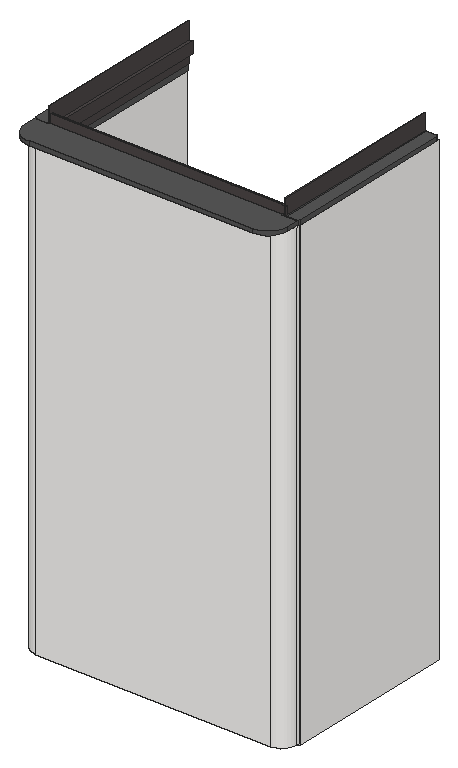
Revit family "vanity unit for handrinse basin, door hinge", category Furniture, Revit 2019 (continued)
Types (48, lengths in mm): name | Vanity unit 340_245 for handrinse basin, door hinge right-54018700-Dark Walnut-MATT_WHITE-400_RX0RY0RZ0TX0TY0TZ0_V | Vanity unit 340_245 for handrinse basin, door hinge right-54018700-Dark Walnut-MATT_WHITE-200_RX0RY0RZ0TX0TY0TZ0_V | Vanity unit 340_245 for handrinse basin, door hinge right-54018670-Dark Walnut-MATT_BLACK-400_RX0RY0RZ0TX0TY0TZ0_V | Vanity unit 340_245 for handrinse basin, door hinge right-54018670-Dark Walnut-MATT_BLACK-200_RX0RY0RZ0TX0TY0TZ0_V | Vanity unit 340_245 for handrinse basin, door hinge right-54018000-Dark Walnut-CHROME-400_RX0RY0RZ0TX0TY0TZ0_V | Vanity unit 340_245 for handrinse basin, door hinge right-54018000-Dark Walnut-CHROME-200_RX0RY0RZ0TX0TY0TZ0_V | Vanity unit 340_245 for handrinse basin, door hinge right-54017700-Natural Oak-MATT_WHITE-400_RX0RY0RZ0TX0TY0TZ0_V | Vanity unit 340_245 for handrinse basin, door hinge right-54017700-Natural Oak-MATT_WHITE-200_RX0RY0RZ0TX0TY0TZ0_V | Vanity unit 340_245 for handrinse basin, door hinge right-54017670-Natural Oak-MATT_BLACK-400_RX0RY0RZ0TX0TY0TZ0_V | Vanity unit 340_245 for handrinse basin, door hinge right-54017670-Natural Oak-MATT_BLACK-200_RX0RY0RZ0TX0TY0TZ0_V | Vanity unit 340_245 for handrinse basin, door hinge right-54017000-Natural Oak-CHROME-400_RX0RY0RZ0TX0TY0TZ0_V | Vanity unit 340_245 for handrinse basin, door hinge right-54017000-Natural Oak-CHROME-200_RX0RY0RZ0TX0TY0TZ0_V | Vanity unit 340_245 for handrinse basin, door hinge right-54016700-Diamond Matt Grey-MATT_WHITE-400_RX0RY0RZ0TX0TY0TZ0_V | Vanity unit 340_245 for handrinse basin, door hinge right-54016700-Diamond Matt Grey-MATT_WHITE-200_RX0RY0RZ0TX0TY0TZ0_V | Vanity unit 340_245 for handrinse basin, door hinge right-54016670-Diamond Matt Grey-MATT_BLACK-400_RX0RY0RZ0TX0TY0TZ0_V | Vanity unit 340_245 for handrinse basin, door hinge right-54016670-Diamond Matt Grey-MATT_BLACK-200_RX0RY0RZ0TX0TY0TZ0_V | Vanity unit 340_245 for handrinse basin, door hinge right-54016000-Diamond Matt Grey-CHROME-400_RX0RY0RZ0TX0TY0TZ0_V | Vanity unit 340_245 for handrinse basin, door hinge right-54016000-Diamond Matt Grey-CHROME-200_RX0RY0RZ0TX0TY0TZ0_V | Vanity unit 340_245 for handrinse basin, door hinge right-54015700-High Gloss White-MATT_WHITE-400_RX0RY0RZ0TX0TY0TZ0_V | Vanity unit 340_245 for handrinse basin, door hinge right-54015700-High Gloss White-MATT_WHITE-200_RX0RY0RZ0TX0TY0TZ0_V | Vanity unit 340_245 for handrinse basin, door hinge right-54015670-High Gloss White-MATT_BLACK-400_RX0RY0RZ0TX0TY0TZ0_V | Vanity unit 340_245 for handrinse basin, door hinge right-54015670-High Gloss White-MATT_BLACK-200_RX0RY0RZ0TX0TY0TZ0_V | Vanity unit 340_245 for handrinse basin, door hinge right-54015000-High Gloss White-CHROME-400_RX0RY0RZ0TX0TY0TZ0_V | Vanity unit 340_245 for handrinse basin, door hinge right-54015000-High Gloss White-CHROME-200_RX0RY0RZ0TX0TY0TZ0_V | Vanity unit 340_245 for handrinse basin, door hinge left-54014700-Dark Walnut-MATT_WHITE-400_RX0RY0RZ0TX0TY0TZ0_V | Vanity unit 340_245 for handrinse basin, door hinge left-54014700-Dark Walnut-MATT_WHITE-200_RX0RY0RZ0TX0TY0TZ0_V | Vanity unit 340_245 for handrinse basin, door hinge left-54014670-Dark Walnut-MATT_BLACK-400_RX0RY0RZ0TX0TY0TZ0_V | Vanity unit 340_245 for handrinse basin, door hinge left-54014670-Dark Walnut-MATT_BLACK-200_RX0RY0RZ0TX0TY0TZ0_V | Vanity unit 340_245 for handrinse basin, door hinge left-54014000-Dark Walnut-CHROME-400_RX0RY0RZ0TX0TY0TZ0_V | Vanity unit 340_245 for handrinse basin, door hinge left-54014000-Dark Walnut-CHROME-200_RX0RY0RZ0TX0TY0TZ0_V | Vanity unit 340_245 for handrinse basin, door hinge left-54013700-Natural Oak-MATT_WHITE-400_RX0RY0RZ0TX0TY0TZ0_V | Vanity unit 340_245 for handrinse basin, door hinge left-54013700-Natural Oak-MATT_WHITE-200_RX0RY0RZ0TX0TY0TZ0_V | Vanity unit 340_245 for handrinse basin, door hinge left-54013670-Natural Oak-MATT_BLACK-400_RX0RY0RZ0TX0TY0TZ0_V | Vanity unit 340_245 for handrinse basin, door hinge left-54013670-Natural Oak-MATT_BLACK-200_RX0RY0RZ0TX0TY0TZ0_V | Vanity unit 340_245 for handrinse basin, door hinge left-54013000-Natural Oak-CHROME-400_RX0RY0RZ0TX0TY0TZ0_V | Vanity unit 340_245 for handrinse basin, door hinge left-54013000-Natural Oak-CHROME-200_RX0RY0RZ0TX0TY0TZ0_V | Vanity unit 340_245 for handrinse basin, door hinge left-54012700-Diamond Matt Grey-MATT_WHITE-400_RX0RY0RZ0TX0TY0TZ0_V | Vanity unit 340_245 for handrinse basin, door hinge left-54012700-Diamond Matt Grey-MATT_WHITE-200_RX0RY0RZ0TX0TY0TZ0_V | Vanity unit 340_245 for handrinse basin, door hinge left-54012670-Diamond Matt Grey-MATT_BLACK-400_RX0RY0RZ0TX0TY0TZ0_V | Vanity unit 340_245 for handrinse basin, door hinge left-54012670-Diamond Matt Grey-MATT_BLACK-200_RX0RY0RZ0TX0TY0TZ0_V | Vanity unit 340_245 for handrinse basin, door hinge left-54012000-Diamond Matt Grey-CHROME-400_RX0RY0RZ0TX0TY0TZ0_V | Vanity unit 340_245 for handrinse basin, door hinge left-54012000-Diamond Matt Grey-CHROME-200_RX0RY0RZ0TX0TY0TZ0_V | Vanity unit 340_245 for handrinse basin, door hinge left-54011700-High Gloss White-MATT_WHITE-400_RX0RY0RZ0TX0TY0TZ0_V | Vanity unit 340_245 for handrinse basin, door hinge left-54011700-High Gloss White-MATT_WHITE-200_RX0RY0RZ0TX0TY0TZ0_V | Vanity unit 340_245 for handrinse basin, door hinge left-54011670-High Gloss White-MATT_BLACK-400_RX0RY0RZ0TX0TY0TZ0_V | Vanity unit 340_245 for handrinse basin, door hinge left-54011670-High Gloss White-MATT_BLACK-200_RX0RY0RZ0TX0TY0TZ0_V | Vanity unit 340_245 for handrinse basin, door hinge left-54011000-High Gloss White-CHROME-400_RX0RY0RZ0TX0TY0TZ0_V | Vanity unit 340_245 for handrinse basin, door hinge left-54011000-High Gloss White-CHROME-200_RX0RY0RZ0TX0TY0TZ0_V | SURFACE | PRODUCTURL | PERMALINK | OBERFLAECHE | NB | NAME | Model | MIdent | LODLEVEL | LINA | GTINCODE | BASENUMBER | ARTNR
  Vanity unit 340_245 for handrinse basin, door hinge right-54015700-High Gloss White-MATT_WHITE-200 | no | no | no | no | no | no | no | no | no | no | no | no | no | no | no | no | no | no | no | yes | no | no | no | no | no | no | no | no | no | no | no | no | no | no | no | no | no | no | no | no | no | no | no | no | no | no | no | no | "MATT_WHITE" | "https://pro.hansgrohe.com/articledetail--54015000" | "54015XXX" | "High Gloss White" | "Vanity unit 340/245 for handrinse basin, door hinge right-54015700-High Gloss White-MATT_WHITE-200" | "Xelu Q Vanity unit High Gloss White 340/245 for handrinse basin, door hinge right" | "Vanity unit 340/245 for handrinse basin, door hinge right-54015700-High Gloss White-MATT_WHITE-200" | "{$CADENAS_DATA/23d-libs/hansgrohe/xelu_furniture/vanity_unit_with_door_hinge/vanity_unit_for_handrinse_basin_with_door_hing.prj},382 {VTYP=3D},{NB=Vanity unit 340/245 for handrinse basin, door hinge right-54015700-High Gloss White-MATT_WHITE-200},{LINA=Vanity unit 340/245 for handrinse basin, door hinge right-54015700-High Gloss White-MATT_WHITE-200},{NN=Vanity Unit for handrinse basin, door hinge},{DATE=13.03.2023 09:26:03},{GEOMDATE=13.03.2023 09:26:00},{VERSION=},{LINEID=150},{WBVAR=LODLEVEL},{WBNUMERIC=}  {NB=Vanity unit 340/245 for handrinse basin, door hinge right-54015700-High Gloss White-MATT_WHITE-200},{LINA=Vanity unit 340/245 for handrinse basin, door hinge right-54015700-High Gloss White-MATT_WHITE-200},{KT=DUMMY},{IDNR=15},{ARTNR=54015700},{BASENUMBER=Vanity unit 340/245 for handrinse basin, door hinge right},{MODEL=54015XXX},{OBERFLAECHE=High Gloss White},{SURFACE=MATT_WHITE},{L=340},{LODLEVEL=200},{LODLEVELX='400','400','200','200'},{NAME=Xelu Q Vanity unit High Gloss White 340/245 for handrinse basin, door hinge right},{PERMALINK=54015XXX},{OBJECTTYPE=Object (single object)},{BIMOBJECT=Sanitary: Compound units},{PRODUCTFAMILY=Xelu Q},{PRODUCTGROUP=vanity unit},{WEIGHT=9.9},{DESCRIPTION=Xelu Q Vanity unit High Gloss White 340/245 for handrinse basin, door hinge right},{SPECIFICATION=},{PRODUCTURL=https://pro.hansgrohe.com/articledetail--54015000},{GTINCODE=4059625455012},{TENDERURL=},{IFC=Furnishing element},{ETIM=EC011381 | Bathroom furniture set},{UNICLASS2015=Pr_40_30_78_05 | Bathroom furniture},{OMNICLASS=23-21 19 15 33 13 | Residential Bathroom Specialty Casework},{MASTERFORMAT=12 35 30.23 | Bathroom Casework},{UNSPSC=56 | Furniture and Furnishings},{UNIFORMATII=E2010 | Fixed Furnishings},{REGIONSET=Worldwide},{DESIGN=Germany},{MANUFACTURER=Germany}" | "200" | "Vanity unit 340/245 for handrinse basin, door hinge right-54015700-High Gloss White-MATT_WHITE-200" | "4059625455012" | "Vanity unit 340/245 for handrinse basin, door hinge right" | "54015700"
  Vanity unit 340_245 for handrinse basin, door hinge right-54015700-High Gloss White-MATT_WHITE-400 | no | no | no | no | no | no | no | no | no | no | no | no | no | no | no | no | no | no | yes | no | no | no | no | no | no | no | no | no | no | no | no | no | no | no | no | no | no | no | no | no | no | no | no | no | no | no | no | no | "MATT_WHITE" | "https://pro.hansgrohe.com/articledetail--54015000" | "54015XXX" | "High Gloss White" | "Vanity unit 340/245 for handrinse basin, door hinge right-54015700-High Gloss White-MATT_WHITE-400" | "Xelu Q Vanity unit High Gloss White 340/245 for handrinse basin, door hinge right" | "Vanity unit 340/245 for handrinse basin, door hinge right-54015700-High Gloss White-MATT_WHITE-400" | "{$CADENAS_DATA/23d-libs/hansgrohe/xelu_furniture/vanity_unit_with_door_hinge/vanity_unit_for_handrinse_basin_with_door_hing.prj},382 {VTYP=3D},{NB=Vanity unit 340/245 for handrinse basin, door hinge right-54015700-High Gloss White-MATT_WHITE-400},{LINA=Vanity unit 340/245 for handrinse basin, door hinge right-54015700-High Gloss White-MATT_WHITE-400},{NN=Vanity Unit for handrinse basin, door hinge},{DATE=13.03.2023 09:26:03},{GEOMDATE=13.03.2023 09:26:00},{VERSION=},{LINEID=150},{WBVAR=LODLEVEL},{WBNUMERIC=}  {NB=Vanity unit 340/245 for handrinse basin, door hinge right-54015700-High Gloss White-MATT_WHITE-400},{LINA=Vanity unit 340/245 for handrinse basin, door hinge right-54015700-High Gloss White-MATT_WHITE-400},{KT=DUMMY},{IDNR=15},{ARTNR=54015700},{BASENUMBER=Vanity unit 340/245 for handrinse basin, door hinge right},{MODEL=54015XXX},{OBERFLAECHE=High Gloss White},{SURFACE=MATT_WHITE},{L=340},{LODLEVEL=400},{LODLEVELX='400','400','200','200'},{NAME=Xelu Q Vanity unit High Gloss White 340/245 for handrinse basin, door hinge right},{PERMALINK=54015XXX},{OBJECTTYPE=Object (single object)},{BIMOBJECT=Sanitary: Compound units},{PRODUCTFAMILY=Xelu Q},{PRODUCTGROUP=vanity unit},{WEIGHT=9.9},{DESCRIPTION=Xelu Q Vanity unit High Gloss White 340/245 for handrinse basin, door hinge right},{SPECIFICATION=},{PRODUCTURL=https://pro.hansgrohe.com/articledetail--54015000},{GTINCODE=4059625455012},{TENDERURL=},{IFC=Furnishing element},{ETIM=EC011381 | Bathroom furniture set},{UNICLASS2015=Pr_40_30_78_05 | Bathroom furniture},{OMNICLASS=23-21 19 15 33 13 | Residential Bathroom Specialty Casework},{MASTERFORMAT=12 35 30.23 | Bathroom Casework},{UNSPSC=56 | Furniture and Furnishings},{UNIFORMATII=E2010 | Fixed Furnishings},{REGIONSET=Worldwide},{DESIGN=Germany},{MANUFACTURER=Germany}" | "400" | "Vanity unit 340/245 for handrinse basin, door hinge right-54015700-High Gloss White-MATT_WHITE-400" | "4059625455012" | "Vanity unit 340/245 for handrinse basin, door hinge right" | "54015700"
  Vanity unit 340_245 for handrinse basin, door hinge right-54016000-Diamond Matt Grey-CHROME-200 | no | no | no | no | no | no | no | no | no | no | no | no | no | no | no | no | no | yes | no | no | no | no | no | no | no | no | no | no | no | no | no | no | no | no | no | no | no | no | no | no | no | no | no | no | no | no | no | no | "CHROME" | "https://pro.hansgrohe.com/articledetail--54016000" | "54016XXX" | "Diamond Matt Grey" | "Vanity unit 340/245 for handrinse basin, door hinge right-54016000-Diamond Matt Grey-CHROME-200" | "Xelu Q Vanity unit Diamond Matt Grey 340/245 for handrinse basin, door hinge right" | "Vanity unit 340/245 for handrinse basin, door hinge right-54016000-Diamond Matt Grey-CHROME-200" | "{$CADENAS_DATA/23d-libs/hansgrohe/xelu_furniture/vanity_unit_with_door_hinge/vanity_unit_for_handrinse_basin_with_door_hing.prj},376 {VTYP=3D},{NB=Vanity unit 340/245 for handrinse basin, door hinge right-54016000-Diamond Matt Grey-CHROME-200},{LINA=Vanity unit 340/245 for handrinse basin, door hinge right-54016000-Diamond Matt Grey-CHROME-200},{NN=Vanity Unit for handrinse basin, door hinge},{DATE=13.03.2023 09:26:03},{GEOMDATE=13.03.2023 09:26:00},{VERSION=},{LINEID=160},{WBVAR=LODLEVEL},{WBNUMERIC=}  {NB=Vanity unit 340/245 for handrinse basin, door hinge right-54016000-Diamond Matt Grey-CHROME-200},{LINA=Vanity unit 340/245 for handrinse basin, door hinge right-54016000-Diamond Matt Grey-CHROME-200},{KT=DUMMY},{IDNR=16},{ARTNR=54016000},{BASENUMBER=Vanity unit 340/245 for handrinse basin, door hinge right},{MODEL=54016XXX},{OBERFLAECHE=Diamond Matt Grey},{SURFACE=CHROME},{L=340},{LODLEVEL=200},{LODLEVELX='400','400','200','200'},{NAME=Xelu Q Vanity unit Diamond Matt Grey 340/245 for handrinse basin, door hinge right},{PERMALINK=54016XXX},{OBJECTTYPE=Object (single object)},{BIMOBJECT=Sanitary: Compound units},{PRODUCTFAMILY=Xelu Q},{PRODUCTGROUP=vanity unit},{WEIGHT=9.9},{DESCRIPTION=Xelu Q Vanity unit Diamond Matt Grey 340/245 for handrinse basin, door hinge right},{SPECIFICATION=},{PRODUCTURL=https://pro.hansgrohe.com/articledetail--54016000},{GTINCODE=4059625454886},{TENDERURL=},{IFC=Furnishing element},{ETIM=EC011381 | Bathroom furniture set},{UNICLASS2015=Pr_40_30_78_05 | Bathroom furniture},{OMNICLASS=23-21 19 15 33 13 | Residential Bathroom Specialty Casework},{MASTERFORMAT=12 35 30.23 | Bathroom Casework},{UNSPSC=56 | Furniture and Furnishings},{UNIFORMATII=E2010 | Fixed Furnishings},{REGIONSET=Worldwide},{DESIGN=Germany},{MANUFACTURER=Germany}" | "200" | "Vanity unit 340/245 for handrinse basin, door hinge right-54016000-Diamond Matt Grey-CHROME-200" | "4059625454886" | "Vanity unit 340/245 for handrinse basin, door hinge right" | "54016000"
  Vanity unit 340_245 for handrinse basin, door hinge right-54016000-Diamond Matt Grey-CHROME-400 | no | no | no | no | no | no | no | no | no | no | no | no | no | no | no | no | yes | no | no | no | no | no | no | no | no | no | no | no | no | no | no | no | no | no | no | no | no | no | no | no | no | no | no | no | no | no | no | no | "CHROME" | "https://pro.hansgrohe.com/articledetail--54016000" | "54016XXX" | "Diamond Matt Grey" | "Vanity unit 340/245 for handrinse basin, door hinge right-54016000-Diamond Matt Grey-CHROME-400" | "Xelu Q Vanity unit Diamond Matt Grey 340/245 for handrinse basin, door hinge right" | "Vanity unit 340/245 for handrinse basin, door hinge right-54016000-Diamond Matt Grey-CHROME-400" | "{$CADENAS_DATA/23d-libs/hansgrohe/xelu_furniture/vanity_unit_with_door_hinge/vanity_unit_for_handrinse_basin_with_door_hing.prj},376 {VTYP=3D},{NB=Vanity unit 340/245 for handrinse basin, door hinge right-54016000-Diamond Matt Grey-CHROME-400},{LINA=Vanity unit 340/245 for handrinse basin, door hinge right-54016000-Diamond Matt Grey-CHROME-400},{NN=Vanity Unit for handrinse basin, door hinge},{DATE=13.03.2023 09:26:03},{GEOMDATE=13.03.2023 09:26:00},{VERSION=},{LINEID=160},{WBVAR=LODLEVEL},{WBNUMERIC=}  {NB=Vanity unit 340/245 for handrinse basin, door hinge right-54016000-Diamond Matt Grey-CHROME-400},{LINA=Vanity unit 340/245 for handrinse basin, door hinge right-54016000-Diamond Matt Grey-CHROME-400},{KT=DUMMY},{IDNR=16},{ARTNR=54016000},{BASENUMBER=Vanity unit 340/245 for handrinse basin, door hinge right},{MODEL=54016XXX},{OBERFLAECHE=Diamond Matt Grey},{SURFACE=CHROME},{L=340},{LODLEVEL=400},{LODLEVELX='400','400','200','200'},{NAME=Xelu Q Vanity unit Diamond Matt Grey 340/245 for handrinse basin, door hinge right},{PERMALINK=54016XXX},{OBJECTTYPE=Object (single object)},{BIMOBJECT=Sanitary: Compound units},{PRODUCTFAMILY=Xelu Q},{PRODUCTGROUP=vanity unit},{WEIGHT=9.9},{DESCRIPTION=Xelu Q Vanity unit Diamond Matt Grey 340/245 for handrinse basin, door hinge right},{SPECIFICATION=},{PRODUCTURL=https://pro.hansgrohe.com/articledetail--54016000},{GTINCODE=4059625454886},{TENDERURL=},{IFC=Furnishing element},{ETIM=EC011381 | Bathroom furniture set},{UNICLASS2015=Pr_40_30_78_05 | Bathroom furniture},{OMNICLASS=23-21 19 15 33 13 | Residential Bathroom Specialty Casework},{MASTERFORMAT=12 35 30.23 | Bathroom Casework},{UNSPSC=56 | Furniture and Furnishings},{UNIFORMATII=E2010 | Fixed Furnishings},{REGIONSET=Worldwide},{DESIGN=Germany},{MANUFACTURER=Germany}" | "400" | "Vanity unit 340/245 for handrinse basin, door hinge right-54016000-Diamond Matt Grey-CHROME-400" | "4059625454886" | "Vanity unit 340/245 for handrinse basin, door hinge right" | "54016000"
  Vanity unit 340_245 for handrinse basin, door hinge right-54016670-Diamond Matt Grey-MATT_BLACK-200 | no | no | no | no | no | no | no | no | no | no | no | no | no | no | no | yes | no | no | no | no | no | no | no | no | no | no | no | no | no | no | no | no | no | no | no | no | no | no | no | no | no | no | no | no | no | no | no | no | "MATT_BLACK" | "https://pro.hansgrohe.com/articledetail--54016000" | "54016XXX" | "Diamond Matt Grey" | "Vanity unit 340/245 for handrinse basin, door hinge right-54016670-Diamond Matt Grey-MATT_BLACK-200" | "Xelu Q Vanity unit Diamond Matt Grey 340/245 for handrinse basin, door hinge right" | "Vanity unit 340/245 for handrinse basin, door hinge right-54016670-Diamond Matt Grey-MATT_BLACK-200" | "{$CADENAS_DATA/23d-libs/hansgrohe/xelu_furniture/vanity_unit_with_door_hinge/vanity_unit_for_handrinse_basin_with_door_hing.prj},384 {VTYP=3D},{NB=Vanity unit 340/245 for handrinse basin, door hinge right-54016670-Diamond Matt Grey-MATT_BLACK-200},{LINA=Vanity unit 340/245 for handrinse basin, door hinge right-54016670-Diamond Matt Grey-MATT_BLACK-200},{NN=Vanity Unit for handrinse basin, door hinge},{DATE=13.03.2023 09:26:03},{GEOMDATE=13.03.2023 09:26:00},{VERSION=},{LINEID=180},{WBVAR=LODLEVEL},{WBNUMERIC=}  {NB=Vanity unit 340/245 for handrinse basin, door hinge right-54016670-Diamond Matt Grey-MATT_BLACK-200},{LINA=Vanity unit 340/245 for handrinse basin, door hinge right-54016670-Diamond Matt Grey-MATT_BLACK-200},{KT=DUMMY},{IDNR=18},{ARTNR=54016670},{BASENUMBER=Vanity unit 340/245 for handrinse basin, door hinge right},{MODEL=54016XXX},{OBERFLAECHE=Diamond Matt Grey},{SURFACE=MATT_BLACK},{L=340},{LODLEVEL=200},{LODLEVELX='400','400','200','200'},{NAME=Xelu Q Vanity unit Diamond Matt Grey 340/245 for handrinse basin, door hinge right},{PERMALINK=54016XXX},{OBJECTTYPE=Object (single object)},{BIMOBJECT=Sanitary: Compound units},{PRODUCTFAMILY=Xelu Q},{PRODUCTGROUP=vanity unit},{WEIGHT=9.9},{DESCRIPTION=Xelu Q Vanity unit Diamond Matt Grey 340/245 for handrinse basin, door hinge right},{SPECIFICATION=},{PRODUCTURL=https://pro.hansgrohe.com/articledetail--54016000},{GTINCODE=4059625454886},{TENDERURL=},{IFC=Furnishing element},{ETIM=EC011381 | Bathroom furniture set},{UNICLASS2015=Pr_40_30_78_05 | Bathroom furniture},{OMNICLASS=23-21 19 15 33 13 | Residential Bathroom Specialty Casework},{MASTERFORMAT=12 35 30.23 | Bathroom Casework},{UNSPSC=56 | Furniture and Furnishings},{UNIFORMATII=E2010 | Fixed Furnishings},{REGIONSET=Worldwide},{DESIGN=Germany},{MANUFACTURER=Germany}" | "200" | "Vanity unit 340/245 for handrinse basin, door hinge right-54016670-Diamond Matt Grey-MATT_BLACK-200" | "4059625454886" | "Vanity unit 340/245 for handrinse basin, door hinge right" | "54016670"
  Vanity unit 340_245 for handrinse basin, door hinge right-54016670-Diamond Matt Grey-MATT_BLACK-400 | no | no | no | no | no | no | no | no | no | no | no | no | no | no | yes | no | no | no | no | no | no | no | no | no | no | no | no | no | no | no | no | no | no | no | no | no | no | no | no | no | no | no | no | no | no | no | no | no | "MATT_BLACK" | "https://pro.hansgrohe.com/articledetail--54016000" | "54016XXX" | "Diamond Matt Grey" | "Vanity unit 340/245 for handrinse basin, door hinge right-54016670-Diamond Matt Grey-MATT_BLACK-400" | "Xelu Q Vanity unit Diamond Matt Grey 340/245 for handrinse basin, door hinge right" | "Vanity unit 340/245 for handrinse basin, door hinge right-54016670-Diamond Matt Grey-MATT_BLACK-400" | "{$CADENAS_DATA/23d-libs/hansgrohe/xelu_furniture/vanity_unit_with_door_hinge/vanity_unit_for_handrinse_basin_with_door_hing.prj},384 {VTYP=3D},{NB=Vanity unit 340/245 for handrinse basin, door hinge right-54016670-Diamond Matt Grey-MATT_BLACK-400},{LINA=Vanity unit 340/245 for handrinse basin, door hinge right-54016670-Diamond Matt Grey-MATT_BLACK-400},{NN=Vanity Unit for handrinse basin, door hinge},{DATE=13.03.2023 09:26:03},{GEOMDATE=13.03.2023 09:26:00},{VERSION=},{LINEID=180},{WBVAR=LODLEVEL},{WBNUMERIC=}  {NB=Vanity unit 340/245 for handrinse basin, door hinge right-54016670-Diamond Matt Grey-MATT_BLACK-400},{LINA=Vanity unit 340/245 for handrinse basin, door hinge right-54016670-Diamond Matt Grey-MATT_BLACK-400},{KT=DUMMY},{IDNR=18},{ARTNR=54016670},{BASENUMBER=Vanity unit 340/245 for handrinse basin, door hinge right},{MODEL=54016XXX},{OBERFLAECHE=Diamond Matt Grey},{SURFACE=MATT_BLACK},{L=340},{LODLEVEL=400},{LODLEVELX='400','400','200','200'},{NAME=Xelu Q Vanity unit Diamond Matt Grey 340/245 for handrinse basin, door hinge right},{PERMALINK=54016XXX},{OBJECTTYPE=Object (single object)},{BIMOBJECT=Sanitary: Compound units},{PRODUCTFAMILY=Xelu Q},{PRODUCTGROUP=vanity unit},{WEIGHT=9.9},{DESCRIPTION=Xelu Q Vanity unit Diamond Matt Grey 340/245 for handrinse basin, door hinge right},{SPECIFICATION=},{PRODUCTURL=https://pro.hansgrohe.com/articledetail--54016000},{GTINCODE=4059625454886},{TENDERURL=},{IFC=Furnishing element},{ETIM=EC011381 | Bathroom furniture set},{UNICLASS2015=Pr_40_30_78_05 | Bathroom furniture},{OMNICLASS=23-21 19 15 33 13 | Residential Bathroom Specialty Casework},{MASTERFORMAT=12 35 30.23 | Bathroom Casework},{UNSPSC=56 | Furniture and Furnishings},{UNIFORMATII=E2010 | Fixed Furnishings},{REGIONSET=Worldwide},{DESIGN=Germany},{MANUFACTURER=Germany}" | "400" | "Vanity unit 340/245 for handrinse basin, door hinge right-54016670-Diamond Matt Grey-MATT_BLACK-400" | "4059625454886" | "Vanity unit 340/245 for handrinse basin, door hinge right" | "54016670"
  Vanity unit 340_245 for handrinse basin, door hinge right-54016700-Diamond Matt Grey-MATT_WHITE-200 | no | no | no | no | no | no | no | no | no | no | no | no | no | yes | no | no | no | no | no | no | no | no | no | no | no | no | no | no | no | no | no | no | no | no | no | no | no | no | no | no | no | no | no | no | no | no | no | no | "MATT_WHITE" | "https://pro.hansgrohe.com/articledetail--54016000" | "54016XXX" | "Diamond Matt Grey" | "Vanity unit 340/245 for handrinse basin, door hinge right-54016700-Diamond Matt Grey-MATT_WHITE-200" | "Xelu Q Vanity unit Diamond Matt Grey 340/245 for handrinse basin, door hinge right" | "Vanity unit 340/245 for handrinse basin, door hinge right-54016700-Diamond Matt Grey-MATT_WHITE-200" | "{$CADENAS_DATA/23d-libs/hansgrohe/xelu_furniture/vanity_unit_with_door_hinge/vanity_unit_for_handrinse_basin_with_door_hing.prj},384 {VTYP=3D},{NB=Vanity unit 340/245 for handrinse basin, door hinge right-54016700-Diamond Matt Grey-MATT_WHITE-200},{LINA=Vanity unit 340/245 for handrinse basin, door hinge right-54016700-Diamond Matt Grey-MATT_WHITE-200},{NN=Vanity Unit for handrinse basin, door hinge},{DATE=13.03.2023 09:26:03},{GEOMDATE=13.03.2023 09:26:00},{VERSION=},{LINEID=170},{WBVAR=LODLEVEL},{WBNUMERIC=}  {NB=Vanity unit 340/245 for handrinse basin, door hinge right-54016700-Diamond Matt Grey-MATT_WHITE-200},{LINA=Vanity unit 340/245 for handrinse basin, door hinge right-54016700-Diamond Matt Grey-MATT_WHITE-200},{KT=DUMMY},{IDNR=17},{ARTNR=54016700},{BASENUMBER=Vanity unit 340/245 for handrinse basin, door hinge right},{MODEL=54016XXX},{OBERFLAECHE=Diamond Matt Grey},{SURFACE=MATT_WHITE},{L=340},{LODLEVEL=200},{LODLEVELX='400','400','200','200'},{NAME=Xelu Q Vanity unit Diamond Matt Grey 340/245 for handrinse basin, door hinge right},{PERMALINK=54016XXX},{OBJECTTYPE=Object (single object)},{BIMOBJECT=Sanitary: Compound units},{PRODUCTFAMILY=Xelu Q},{PRODUCTGROUP=vanity unit},{WEIGHT=9.9},{DESCRIPTION=Xelu Q Vanity unit Diamond Matt Grey 340/245 for handrinse basin, door hinge right},{SPECIFICATION=},{PRODUCTURL=https://pro.hansgrohe.com/articledetail--54016000},{GTINCODE=4059625454886},{TENDERURL=},{IFC=Furnishing element},{ETIM=EC011381 | Bathroom furniture set},{UNICLASS2015=Pr_40_30_78_05 | Bathroom furniture},{OMNICLASS=23-21 19 15 33 13 | Residential Bathroom Specialty Casework},{MASTERFORMAT=12 35 30.23 | Bathroom Casework},{UNSPSC=56 | Furniture and Furnishings},{UNIFORMATII=E2010 | Fixed Furnishings},{REGIONSET=Worldwide},{DESIGN=Germany},{MANUFACTURER=Germany}" | "200" | "Vanity unit 340/245 for handrinse basin, door hinge right-54016700-Diamond Matt Grey-MATT_WHITE-200" | "4059625454886" | "Vanity unit 340/245 for handrinse basin, door hinge right" | "54016700"
  Vanity unit 340_245 for handrinse basin, door hinge right-54016700-Diamond Matt Grey-MATT_WHITE-400 | no | no | no | no | no | no | no | no | no | no | no | no | yes | no | no | no | no | no | no | no | no | no | no | no | no | no | no | no | no | no | no | no | no | no | no | no | no | no | no | no | no | no | no | no | no | no | no | no | "MATT_WHITE" | "https://pro.hansgrohe.com/articledetail--54016000" | "54016XXX" | "Diamond Matt Grey" | "Vanity unit 340/245 for handrinse basin, door hinge right-54016700-Diamond Matt Grey-MATT_WHITE-400" | "Xelu Q Vanity unit Diamond Matt Grey 340/245 for handrinse basin, door hinge right" | "Vanity unit 340/245 for handrinse basin, door hinge right-54016700-Diamond Matt Grey-MATT_WHITE-400" | "{$CADENAS_DATA/23d-libs/hansgrohe/xelu_furniture/vanity_unit_with_door_hinge/vanity_unit_for_handrinse_basin_with_door_hing.prj},384 {VTYP=3D},{NB=Vanity unit 340/245 for handrinse basin, door hinge right-54016700-Diamond Matt Grey-MATT_WHITE-400},{LINA=Vanity unit 340/245 for handrinse basin, door hinge right-54016700-Diamond Matt Grey-MATT_WHITE-400},{NN=Vanity Unit for handrinse basin, door hinge},{DATE=13.03.2023 09:26:03},{GEOMDATE=13.03.2023 09:26:00},{VERSION=},{LINEID=170},{WBVAR=LODLEVEL},{WBNUMERIC=}  {NB=Vanity unit 340/245 for handrinse basin, door hinge right-54016700-Diamond Matt Grey-MATT_WHITE-400},{LINA=Vanity unit 340/245 for handrinse basin, door hinge right-54016700-Diamond Matt Grey-MATT_WHITE-400},{KT=DUMMY},{IDNR=17},{ARTNR=54016700},{BASENUMBER=Vanity unit 340/245 for handrinse basin, door hinge right},{MODEL=54016XXX},{OBERFLAECHE=Diamond Matt Grey},{SURFACE=MATT_WHITE},{L=340},{LODLEVEL=400},{LODLEVELX='400','400','200','200'},{NAME=Xelu Q Vanity unit Diamond Matt Grey 340/245 for handrinse basin, door hinge right},{PERMALINK=54016XXX},{OBJECTTYPE=Object (single object)},{BIMOBJECT=Sanitary: Compound units},{PRODUCTFAMILY=Xelu Q},{PRODUCTGROUP=vanity unit},{WEIGHT=9.9},{DESCRIPTION=Xelu Q Vanity unit Diamond Matt Grey 340/245 for handrinse basin, door hinge right},{SPECIFICATION=},{PRODUCTURL=https://pro.hansgrohe.com/articledetail--54016000},{GTINCODE=4059625454886},{TENDERURL=},{IFC=Furnishing element},{ETIM=EC011381 | Bathroom furniture set},{UNICLASS2015=Pr_40_30_78_05 | Bathroom furniture},{OMNICLASS=23-21 19 15 33 13 | Residential Bathroom Specialty Casework},{MASTERFORMAT=12 35 30.23 | Bathroom Casework},{UNSPSC=56 | Furniture and Furnishings},{UNIFORMATII=E2010 | Fixed Furnishings},{REGIONSET=Worldwide},{DESIGN=Germany},{MANUFACTURER=Germany}" | "400" | "Vanity unit 340/245 for handrinse basin, door hinge right-54016700-Diamond Matt Grey-MATT_WHITE-400" | "4059625454886" | "Vanity unit 340/245 for handrinse basin, door hinge right" | "54016700"
  Vanity unit 340_245 for handrinse basin, door hinge right-54017000-Natural Oak-CHROME-200 | no | no | no | no | no | no | no | no | no | no | no | yes | no | no | no | no | no | no | no | no | no | no | no | no | no | no | no | no | no | no | no | no | no | no | no | no | no | no | no | no | no | no | no | no | no | no | no | no | "CHROME" | "https://pro.hansgrohe.com/articledetail--54017000" | "54017XXX" | "Natural Oak" | "Vanity unit 340/245 for handrinse basin, door hinge right-54017000-Natural Oak-CHROME-200" | "Xelu Q Vanity unit Natual Oak 340/245 for handrinse basin, door hinge right" | "Vanity unit 340/245 for handrinse basin, door hinge right-54017000-Natural Oak-CHROME-200" | "{$CADENAS_DATA/23d-libs/hansgrohe/xelu_furniture/vanity_unit_with_door_hinge/vanity_unit_for_handrinse_basin_with_door_hing.prj},364 {VTYP=3D},{NB=Vanity unit 340/245 for handrinse basin, door hinge right-54017000-Natural Oak-CHROME-200},{LINA=Vanity unit 340/245 for handrinse basin, door hinge right-54017000-Natural Oak-CHROME-200},{NN=Vanity Unit for handrinse basin, door hinge},{DATE=13.03.2023 09:26:03},{GEOMDATE=13.03.2023 09:26:00},{VERSION=},{LINEID=210},{WBVAR=LODLEVEL},{WBNUMERIC=}  {NB=Vanity unit 340/245 for handrinse basin, door hinge right-54017000-Natural Oak-CHROME-200},{LINA=Vanity unit 340/245 for handrinse basin, door hinge right-54017000-Natural Oak-CHROME-200},{KT=DUMMY},{IDNR=21},{ARTNR=54017000},{BASENUMBER=Vanity unit 340/245 for handrinse basin, door hinge right},{MODEL=54017XXX},{OBERFLAECHE=Natural Oak},{SURFACE=CHROME},{L=340},{LODLEVEL=200},{LODLEVELX='400','400','200','200'},{NAME=Xelu Q Vanity unit Natual Oak 340/245 for handrinse basin, door hinge right},{PERMALINK=54017XXX},{OBJECTTYPE=Object (single object)},{BIMOBJECT=Sanitary: Compound units},{PRODUCTFAMILY=Xelu Q},{PRODUCTGROUP=vanity unit},{WEIGHT=9.9},{DESCRIPTION=Xelu Q Vanity unit Natual Oak 340/245 for handrinse basin, door hinge right},{SPECIFICATION=},{PRODUCTURL=https://pro.hansgrohe.com/articledetail--54017000},{GTINCODE=4059625454855},{TENDERURL=},{IFC=Furnishing element},{ETIM=EC011381 | Bathroom furniture set},{UNICLASS2015=Pr_40_30_78_05 | Bathroom furniture},{OMNICLASS=23-21 19 15 33 13 | Residential Bathroom Specialty Casework},{MASTERFORMAT=12 35 30.23 | Bathroom Casework},{UNSPSC=56 | Furniture and Furnishings},{UNIFORMATII=E2010 | Fixed Furnishings},{REGIONSET=Worldwide},{DESIGN=Germany},{MANUFACTURER=Germany}" | "200" | "Vanity unit 340/245 for handrinse basin, door hinge right-54017000-Natural Oak-CHROME-200" | "4059625454855" | "Vanity unit 340/245 for handrinse basin, door hinge right" | "54017000"
  Vanity unit 340_245 for handrinse basin, door hinge right-54017000-Natural Oak-CHROME-400 | no | no | no | no | no | no | no | no | no | no | yes | no | no | no | no | no | no | no | no | no | no | no | no | no | no | no | no | no | no | no | no | no | no | no | no | no | no | no | no | no | no | no | no | no | no | no | no | no | "CHROME" | "https://pro.hansgrohe.com/articledetail--54017000" | "54017XXX" | "Natural Oak" | "Vanity unit 340/245 for handrinse basin, door hinge right-54017000-Natural Oak-CHROME-400" | "Xelu Q Vanity unit Natual Oak 340/245 for handrinse basin, door hinge right" | "Vanity unit 340/245 for handrinse basin, door hinge right-54017000-Natural Oak-CHROME-400" | "{$CADENAS_DATA/23d-libs/hansgrohe/xelu_furniture/vanity_unit_with_door_hinge/vanity_unit_for_handrinse_basin_with_door_hing.prj},364 {VTYP=3D},{NB=Vanity unit 340/245 for handrinse basin, door hinge right-54017000-Natural Oak-CHROME-400},{LINA=Vanity unit 340/245 for handrinse basin, door hinge right-54017000-Natural Oak-CHROME-400},{NN=Vanity Unit for handrinse basin, door hinge},{DATE=13.03.2023 09:26:03},{GEOMDATE=13.03.2023 09:26:00},{VERSION=},{LINEID=210},{WBVAR=LODLEVEL},{WBNUMERIC=}  {NB=Vanity unit 340/245 for handrinse basin, door hinge right-54017000-Natural Oak-CHROME-400},{LINA=Vanity unit 340/245 for handrinse basin, door hinge right-54017000-Natural Oak-CHROME-400},{KT=DUMMY},{IDNR=21},{ARTNR=54017000},{BASENUMBER=Vanity unit 340/245 for handrinse basin, door hinge right},{MODEL=54017XXX},{OBERFLAECHE=Natural Oak},{SURFACE=CHROME},{L=340},{LODLEVEL=400},{LODLEVELX='400','400','200','200'},{NAME=Xelu Q Vanity unit Natual Oak 340/245 for handrinse basin, door hinge right},{PERMALINK=54017XXX},{OBJECTTYPE=Object (single object)},{BIMOBJECT=Sanitary: Compound units},{PRODUCTFAMILY=Xelu Q},{PRODUCTGROUP=vanity unit},{WEIGHT=9.9},{DESCRIPTION=Xelu Q Vanity unit Natual Oak 340/245 for handrinse basin, door hinge right},{SPECIFICATION=},{PRODUCTURL=https://pro.hansgrohe.com/articledetail--54017000},{GTINCODE=4059625454855},{TENDERURL=},{IFC=Furnishing element},{ETIM=EC011381 | Bathroom furniture set},{UNICLASS2015=Pr_40_30_78_05 | Bathroom furniture},{OMNICLASS=23-21 19 15 33 13 | Residential Bathroom Specialty Casework},{MASTERFORMAT=12 35 30.23 | Bathroom Casework},{UNSPSC=56 | Furniture and Furnishings},{UNIFORMATII=E2010 | Fixed Furnishings},{REGIONSET=Worldwide},{DESIGN=Germany},{MANUFACTURER=Germany}" | "400" | "Vanity unit 340/245 for handrinse basin, door hinge right-54017000-Natural Oak-CHROME-400" | "4059625454855" | "Vanity unit 340/245 for handrinse basin, door hinge right" | "54017000"
  Vanity unit 340_245 for handrinse basin, door hinge right-54017670-Natural Oak-MATT_BLACK-200 | no | no | no | no | no | no | no | no | no | yes | no | no | no | no | no | no | no | no | no | no | no | no | no | no | no | no | no | no | no | no | no | no | no | no | no | no | no | no | no | no | no | no | no | no | no | no | no | no | "MATT_BLACK" | "https://pro.hansgrohe.com/articledetail--54017000" | "54017XXX" | "Natural Oak" | "Vanity unit 340/245 for handrinse basin, door hinge right-54017670-Natural Oak-MATT_BLACK-200" | "Xelu Q Vanity unit Natual Oak 340/245 for handrinse basin, door hinge right" | "Vanity unit 340/245 for handrinse basin, door hinge right-54017670-Natural Oak-MATT_BLACK-200" | "{$CADENAS_DATA/23d-libs/hansgrohe/xelu_furniture/vanity_unit_with_door_hinge/vanity_unit_for_handrinse_basin_with_door_hing.prj},372 {VTYP=3D},{NB=Vanity unit 340/245 for handrinse basin, door hinge right-54017670-Natural Oak-MATT_BLACK-200},{LINA=Vanity unit 340/245 for handrinse basin, door hinge right-54017670-Natural Oak-MATT_BLACK-200},{NN=Vanity Unit for handrinse basin, door hinge},{DATE=13.03.2023 09:26:03},{GEOMDATE=13.03.2023 09:26:00},{VERSION=},{LINEID=200},{WBVAR=LODLEVEL},{WBNUMERIC=}  {NB=Vanity unit 340/245 for handrinse basin, door hinge right-54017670-Natural Oak-MATT_BLACK-200},{LINA=Vanity unit 340/245 for handrinse basin, door hinge right-54017670-Natural Oak-MATT_BLACK-200},{KT=DUMMY},{IDNR=20},{ARTNR=54017670},{BASENUMBER=Vanity unit 340/245 for handrinse basin, door hinge right},{MODEL=54017XXX},{OBERFLAECHE=Natural Oak},{SURFACE=MATT_BLACK},{L=340},{LODLEVEL=200},{LODLEVELX='400','400','200','200'},{NAME=Xelu Q Vanity unit Natual Oak 340/245 for handrinse basin, door hinge right},{PERMALINK=54017XXX},{OBJECTTYPE=Object (single object)},{BIMOBJECT=Sanitary: Compound units},{PRODUCTFAMILY=Xelu Q},{PRODUCTGROUP=vanity unit},{WEIGHT=9.9},{DESCRIPTION=Xelu Q Vanity unit Natual Oak 340/245 for handrinse basin, door hinge right},{SPECIFICATION=},{PRODUCTURL=https://pro.hansgrohe.com/articledetail--54017000},{GTINCODE=4059625454855},{TENDERURL=},{IFC=Furnishing element},{ETIM=EC011381 | Bathroom furniture set},{UNICLASS2015=Pr_40_30_78_05 | Bathroom furniture},{OMNICLASS=23-21 19 15 33 13 | Residential Bathroom Specialty Casework},{MASTERFORMAT=12 35 30.23 | Bathroom Casework},{UNSPSC=56 | Furniture and Furnishings},{UNIFORMATII=E2010 | Fixed Furnishings},{REGIONSET=Worldwide},{DESIGN=Germany},{MANUFACTURER=Germany}" | "200" | "Vanity unit 340/245 for handrinse basin, door hinge right-54017670-Natural Oak-MATT_BLACK-200" | "4059625454855" | "Vanity unit 340/245 for handrinse basin, door hinge right" | "54017670"
  Vanity unit 340_245 for handrinse basin, door hinge right-54017670-Natural Oak-MATT_BLACK-400 | no | no | no | no | no | no | no | no | yes | no | no | no | no | no | no | no | no | no | no | no | no | no | no | no | no | no | no | no | no | no | no | no | no | no | no | no | no | no | no | no | no | no | no | no | no | no | no | no | "MATT_BLACK" | "https://pro.hansgrohe.com/articledetail--54017000" | "54017XXX" | "Natural Oak" | "Vanity unit 340/245 for handrinse basin, door hinge right-54017670-Natural Oak-MATT_BLACK-400" | "Xelu Q Vanity unit Natual Oak 340/245 for handrinse basin, door hinge right" | "Vanity unit 340/245 for handrinse basin, door hinge right-54017670-Natural Oak-MATT_BLACK-400" | "{$CADENAS_DATA/23d-libs/hansgrohe/xelu_furniture/vanity_unit_with_door_hinge/vanity_unit_for_handrinse_basin_with_door_hing.prj},372 {VTYP=3D},{NB=Vanity unit 340/245 for handrinse basin, door hinge right-54017670-Natural Oak-MATT_BLACK-400},{LINA=Vanity unit 340/245 for handrinse basin, door hinge right-54017670-Natural Oak-MATT_BLACK-400},{NN=Vanity Unit for handrinse basin, door hinge},{DATE=13.03.2023 09:26:03},{GEOMDATE=13.03.2023 09:26:00},{VERSION=},{LINEID=200},{WBVAR=LODLEVEL},{WBNUMERIC=}  {NB=Vanity unit 340/245 for handrinse basin, door hinge right-54017670-Natural Oak-MATT_BLACK-400},{LINA=Vanity unit 340/245 for handrinse basin, door hinge right-54017670-Natural Oak-MATT_BLACK-400},{KT=DUMMY},{IDNR=20},{ARTNR=54017670},{BASENUMBER=Vanity unit 340/245 for handrinse basin, door hinge right},{MODEL=54017XXX},{OBERFLAECHE=Natural Oak},{SURFACE=MATT_BLACK},{L=340},{LODLEVEL=400},{LODLEVELX='400','400','200','200'},{NAME=Xelu Q Vanity unit Natual Oak 340/245 for handrinse basin, door hinge right},{PERMALINK=54017XXX},{OBJECTTYPE=Object (single object)},{BIMOBJECT=Sanitary: Compound units},{PRODUCTFAMILY=Xelu Q},{PRODUCTGROUP=vanity unit},{WEIGHT=9.9},{DESCRIPTION=Xelu Q Vanity unit Natual Oak 340/245 for handrinse basin, door hinge right},{SPECIFICATION=},{PRODUCTURL=https://pro.hansgrohe.com/articledetail--54017000},{GTINCODE=4059625454855},{TENDERURL=},{IFC=Furnishing element},{ETIM=EC011381 | Bathroom furniture set},{UNICLASS2015=Pr_40_30_78_05 | Bathroom furniture},{OMNICLASS=23-21 19 15 33 13 | Residential Bathroom Specialty Casework},{MASTERFORMAT=12 35 30.23 | Bathroom Casework},{UNSPSC=56 | Furniture and Furnishings},{UNIFORMATII=E2010 | Fixed Furnishings},{REGIONSET=Worldwide},{DESIGN=Germany},{MANUFACTURER=Germany}" | "400" | "Vanity unit 340/245 for handrinse basin, door hinge right-54017670-Natural Oak-MATT_BLACK-400" | "4059625454855" | "Vanity unit 340/245 for handrinse basin, door hinge right" | "54017670"
  Vanity unit 340_245 for handrinse basin, door hinge right-54017700-Natural Oak-MATT_WHITE-200 | no | no | no | no | no | no | no | yes | no | no | no | no | no | no | no | no | no | no | no | no | no | no | no | no | no | no | no | no | no | no | no | no | no | no | no | no | no | no | no | no | no | no | no | no | no | no | no | no | "MATT_WHITE" | "https://pro.hansgrohe.com/articledetail--54017000" | "54017XXX" | "Natural Oak" | "Vanity unit 340/245 for handrinse basin, door hinge right-54017700-Natural Oak-MATT_WHITE-200" | "Xelu Q Vanity unit Natual Oak 340/245 for handrinse basin, door hinge right" | "Vanity unit 340/245 for handrinse basin, door hinge right-54017700-Natural Oak-MATT_WHITE-200" | "{$CADENAS_DATA/23d-libs/hansgrohe/xelu_furniture/vanity_unit_with_door_hinge/vanity_unit_for_handrinse_basin_with_door_hing.prj},372 {VTYP=3D},{NB=Vanity unit 340/245 for handrinse basin, door hinge right-54017700-Natural Oak-MATT_WHITE-200},{LINA=Vanity unit 340/245 for handrinse basin, door hinge right-54017700-Natural Oak-MATT_WHITE-200},{NN=Vanity Unit for handrinse basin, door hinge},{DATE=13.03.2023 09:26:03},{GEOMDATE=13.03.2023 09:26:00},{VERSION=},{LINEID=190},{WBVAR=LODLEVEL},{WBNUMERIC=}  {NB=Vanity unit 340/245 for handrinse basin, door hinge right-54017700-Natural Oak-MATT_WHITE-200},{LINA=Vanity unit 340/245 for handrinse basin, door hinge right-54017700-Natural Oak-MATT_WHITE-200},{KT=DUMMY},{IDNR=19},{ARTNR=54017700},{BASENUMBER=Vanity unit 340/245 for handrinse basin, door hinge right},{MODEL=54017XXX},{OBERFLAECHE=Natural Oak},{SURFACE=MATT_WHITE},{L=340},{LODLEVEL=200},{LODLEVELX='400','400','200','200'},{NAME=Xelu Q Vanity unit Natual Oak 340/245 for handrinse basin, door hinge right},{PERMALINK=54017XXX},{OBJECTTYPE=Object (single object)},{BIMOBJECT=Sanitary: Compound units},{PRODUCTFAMILY=Xelu Q},{PRODUCTGROUP=vanity unit},{WEIGHT=9.9},{DESCRIPTION=Xelu Q Vanity unit Natual Oak 340/245 for handrinse basin, door hinge right},{SPECIFICATION=},{PRODUCTURL=https://pro.hansgrohe.com/articledetail--54017000},{GTINCODE=4059625454855},{TENDERURL=},{IFC=Furnishing element},{ETIM=EC011381 | Bathroom furniture set},{UNICLASS2015=Pr_40_30_78_05 | Bathroom furniture},{OMNICLASS=23-21 19 15 33 13 | Residential Bathroom Specialty Casework},{MASTERFORMAT=12 35 30.23 | Bathroom Casework},{UNSPSC=56 | Furniture and Furnishings},{UNIFORMATII=E2010 | Fixed Furnishings},{REGIONSET=Worldwide},{DESIGN=Germany},{MANUFACTURER=Germany}" | "200" | "Vanity unit 340/245 for handrinse basin, door hinge right-54017700-Natural Oak-MATT_WHITE-200" | "4059625454855" | "Vanity unit 340/245 for handrinse basin, door hinge right" | "54017700"
  Vanity unit 340_245 for handrinse basin, door hinge right-54017700-Natural Oak-MATT_WHITE-400 | no | no | no | no | no | no | yes | no | no | no | no | no | no | no | no | no | no | no | no | no | no | no | no | no | no | no | no | no | no | no | no | no | no | no | no | no | no | no | no | no | no | no | no | no | no | no | no | no | "MATT_WHITE" | "https://pro.hansgrohe.com/articledetail--54017000" | "54017XXX" | "Natural Oak" | "Vanity unit 340/245 for handrinse basin, door hinge right-54017700-Natural Oak-MATT_WHITE-400" | "Xelu Q Vanity unit Natual Oak 340/245 for handrinse basin, door hinge right" | "Vanity unit 340/245 for handrinse basin, door hinge right-54017700-Natural Oak-MATT_WHITE-400" | "{$CADENAS_DATA/23d-libs/hansgrohe/xelu_furniture/vanity_unit_with_door_hinge/vanity_unit_for_handrinse_basin_with_door_hing.prj},372 {VTYP=3D},{NB=Vanity unit 340/245 for handrinse basin, door hinge right-54017700-Natural Oak-MATT_WHITE-400},{LINA=Vanity unit 340/245 for handrinse basin, door hinge right-54017700-Natural Oak-MATT_WHITE-400},{NN=Vanity Unit for handrinse basin, door hinge},{DATE=13.03.2023 09:26:03},{GEOMDATE=13.03.2023 09:26:00},{VERSION=},{LINEID=190},{WBVAR=LODLEVEL},{WBNUMERIC=}  {NB=Vanity unit 340/245 for handrinse basin, door hinge right-54017700-Natural Oak-MATT_WHITE-400},{LINA=Vanity unit 340/245 for handrinse basin, door hinge right-54017700-Natural Oak-MATT_WHITE-400},{KT=DUMMY},{IDNR=19},{ARTNR=54017700},{BASENUMBER=Vanity unit 340/245 for handrinse basin, door hinge right},{MODEL=54017XXX},{OBERFLAECHE=Natural Oak},{SURFACE=MATT_WHITE},{L=340},{LODLEVEL=400},{LODLEVELX='400','400','200','200'},{NAME=Xelu Q Vanity unit Natual Oak 340/245 for handrinse basin, door hinge right},{PERMALINK=54017XXX},{OBJECTTYPE=Object (single object)},{BIMOBJECT=Sanitary: Compound units},{PRODUCTFAMILY=Xelu Q},{PRODUCTGROUP=vanity unit},{WEIGHT=9.9},{DESCRIPTION=Xelu Q Vanity unit Natual Oak 340/245 for handrinse basin, door hinge right},{SPECIFICATION=},{PRODUCTURL=https://pro.hansgrohe.com/articledetail--54017000},{GTINCODE=4059625454855},{TENDERURL=},{IFC=Furnishing element},{ETIM=EC011381 | Bathroom furniture set},{UNICLASS2015=Pr_40_30_78_05 | Bathroom furniture},{OMNICLASS=23-21 19 15 33 13 | Residential Bathroom Specialty Casework},{MASTERFORMAT=12 35 30.23 | Bathroom Casework},{UNSPSC=56 | Furniture and Furnishings},{UNIFORMATII=E2010 | Fixed Furnishings},{REGIONSET=Worldwide},{DESIGN=Germany},{MANUFACTURER=Germany}" | "400" | "Vanity unit 340/245 for handrinse basin, door hinge right-54017700-Natural Oak-MATT_WHITE-400" | "4059625454855" | "Vanity unit 340/245 for handrinse basin, door hinge right" | "54017700"
  Vanity unit 340_245 for handrinse basin, door hinge right-54018000-Dark Walnut-CHROME-200 | no | no | no | no | no | yes | no | no | no | no | no | no | no | no | no | no | no | no | no | no | no | no | no | no | no | no | no | no | no | no | no | no | no | no | no | no | no | no | no | no | no | no | no | no | no | no | no | no | "CHROME" | "https://pro.hansgrohe.com/articledetail--54018000" | "54018XXX" | "Dark Walnut" | "Vanity unit 340/245 for handrinse basin, door hinge right-54018000-Dark Walnut-CHROME-200" | "Xelu Q Vanity unit Dark Walnut 340/245 for handrinse basin, door hinge right" | "Vanity unit 340/245 for handrinse basin, door hinge right-54018000-Dark Walnut-CHROME-200" | "{$CADENAS_DATA/23d-libs/hansgrohe/xelu_furniture/vanity_unit_with_door_hinge/vanity_unit_for_handrinse_basin_with_door_hing.prj},364 {VTYP=3D},{NB=Vanity unit 340/245 for handrinse basin, door hinge right-54018000-Dark Walnut-CHROME-200},{LINA=Vanity unit 340/245 for handrinse basin, door hinge right-54018000-Dark Walnut-CHROME-200},{NN=Vanity Unit for handrinse basin, door hinge},{DATE=13.03.2023 09:26:03},{GEOMDATE=13.03.2023 09:26:00},{VERSION=},{LINEID=240},{WBVAR=LODLEVEL},{WBNUMERIC=}  {NB=Vanity unit 340/245 for handrinse basin, door hinge right-54018000-Dark Walnut-CHROME-200},{LINA=Vanity unit 340/245 for handrinse basin, door hinge right-54018000-Dark Walnut-CHROME-200},{KT=DUMMY},{IDNR=24},{ARTNR=54018000},{BASENUMBER=Vanity unit 340/245 for handrinse basin, door hinge right},{MODEL=54018XXX},{OBERFLAECHE=Dark Walnut},{SURFACE=CHROME},{L=340},{LODLEVEL=200},{LODLEVELX='400','400','200','200'},{NAME=Xelu Q Vanity unit Dark Walnut 340/245 for handrinse basin, door hinge right},{PERMALINK=54018XXX},{OBJECTTYPE=Object (single object)},{BIMOBJECT=Sanitary: Compound units},{PRODUCTFAMILY=Xelu Q},{PRODUCTGROUP=vanity unit},{WEIGHT=9.9},{DESCRIPTION=Xelu Q Vanity unit Dark Walnut 340/245 for handrinse basin, door hinge right},{SPECIFICATION=},{PRODUCTURL=https://pro.hansgrohe.com/articledetail--54018000},{GTINCODE=4059625455319},{TENDERURL=},{IFC=Furnishing element},{ETIM=EC011381 | Bathroom furniture set},{UNICLASS2015=Pr_40_30_78_05 | Bathroom furniture},{OMNICLASS=23-21 19 15 33 13 | Residential Bathroom Specialty Casework},{MASTERFORMAT=12 35 30.23 | Bathroom Casework},{UNSPSC=56 | Furniture and Furnishings},{UNIFORMATII=E2010 | Fixed Furnishings},{REGIONSET=Worldwide},{DESIGN=Germany},{MANUFACTURER=Germany}" | "200" | "Vanity unit 340/245 for handrinse basin, door hinge right-54018000-Dark Walnut-CHROME-200" | "4059625455319" | "Vanity unit 340/245 for handrinse basin, door hinge right" | "54018000"
  Vanity unit 340_245 for handrinse basin, door hinge right-54018000-Dark Walnut-CHROME-400 | no | no | no | no | yes | no | no | no | no | no | no | no | no | no | no | no | no | no | no | no | no | no | no | no | no | no | no | no | no | no | no | no | no | no | no | no | no | no | no | no | no | no | no | no | no | no | no | no | "CHROME" | "https://pro.hansgrohe.com/articledetail--54018000" | "54018XXX" | "Dark Walnut" | "Vanity unit 340/245 for handrinse basin, door hinge right-54018000-Dark Walnut-CHROME-400" | "Xelu Q Vanity unit Dark Walnut 340/245 for handrinse basin, door hinge right" | "Vanity unit 340/245 for handrinse basin, door hinge right-54018000-Dark Walnut-CHROME-400" | "{$CADENAS_DATA/23d-libs/hansgrohe/xelu_furniture/vanity_unit_with_door_hinge/vanity_unit_for_handrinse_basin_with_door_hing.prj},364 {VTYP=3D},{NB=Vanity unit 340/245 for handrinse basin, door hinge right-54018000-Dark Walnut-CHROME-400},{LINA=Vanity unit 340/245 for handrinse basin, door hinge right-54018000-Dark Walnut-CHROME-400},{NN=Vanity Unit for handrinse basin, door hinge},{DATE=13.03.2023 09:26:03},{GEOMDATE=13.03.2023 09:26:00},{VERSION=},{LINEID=240},{WBVAR=LODLEVEL},{WBNUMERIC=}  {NB=Vanity unit 340/245 for handrinse basin, door hinge right-54018000-Dark Walnut-CHROME-400},{LINA=Vanity unit 340/245 for handrinse basin, door hinge right-54018000-Dark Walnut-CHROME-400},{KT=DUMMY},{IDNR=24},{ARTNR=54018000},{BASENUMBER=Vanity unit 340/245 for handrinse basin, door hinge right},{MODEL=54018XXX},{OBERFLAECHE=Dark Walnut},{SURFACE=CHROME},{L=340},{LODLEVEL=400},{LODLEVELX='400','400','200','200'},{NAME=Xelu Q Vanity unit Dark Walnut 340/245 for handrinse basin, door hinge right},{PERMALINK=54018XXX},{OBJECTTYPE=Object (single object)},{BIMOBJECT=Sanitary: Compound units},{PRODUCTFAMILY=Xelu Q},{PRODUCTGROUP=vanity unit},{WEIGHT=9.9},{DESCRIPTION=Xelu Q Vanity unit Dark Walnut 340/245 for handrinse basin, door hinge right},{SPECIFICATION=},{PRODUCTURL=https://pro.hansgrohe.com/articledetail--54018000},{GTINCODE=4059625455319},{TENDERURL=},{IFC=Furnishing element},{ETIM=EC011381 | Bathroom furniture set},{UNICLASS2015=Pr_40_30_78_05 | Bathroom furniture},{OMNICLASS=23-21 19 15 33 13 | Residential Bathroom Specialty Casework},{MASTERFORMAT=12 35 30.23 | Bathroom Casework},{UNSPSC=56 | Furniture and Furnishings},{UNIFORMATII=E2010 | Fixed Furnishings},{REGIONSET=Worldwide},{DESIGN=Germany},{MANUFACTURER=Germany}" | "400" | "Vanity unit 340/245 for handrinse basin, door hinge right-54018000-Dark Walnut-CHROME-400" | "4059625455319" | "Vanity unit 340/245 for handrinse basin, door hinge right" | "54018000"
  Vanity unit 340_245 for handrinse basin, door hinge right-54018670-Dark Walnut-MATT_BLACK-200 | no | no | no | yes | no | no | no | no | no | no | no | no | no | no | no | no | no | no | no | no | no | no | no | no | no | no | no | no | no | no | no | no | no | no | no | no | no | no | no | no | no | no | no | no | no | no | no | no | "MATT_BLACK" | "https://pro.hansgrohe.com/articledetail--54018000" | "54018XXX" | "Dark Walnut" | "Vanity unit 340/245 for handrinse basin, door hinge right-54018670-Dark Walnut-MATT_BLACK-200" | "Xelu Q Vanity unit Dark Walnut 340/245 for handrinse basin, door hinge right" | "Vanity unit 340/245 for handrinse basin, door hinge right-54018670-Dark Walnut-MATT_BLACK-200" | "{$CADENAS_DATA/23d-libs/hansgrohe/xelu_furniture/vanity_unit_with_door_hinge/vanity_unit_for_handrinse_basin_with_door_hing.prj},372 {VTYP=3D},{NB=Vanity unit 340/245 for handrinse basin, door hinge right-54018670-Dark Walnut-MATT_BLACK-200},{LINA=Vanity unit 340/245 for handrinse basin, door hinge right-54018670-Dark Walnut-MATT_BLACK-200},{NN=Vanity Unit for handrinse basin, door hinge},{DATE=13.03.2023 09:26:03},{GEOMDATE=13.03.2023 09:26:00},{VERSION=},{LINEID=220},{WBVAR=LODLEVEL},{WBNUMERIC=}  {NB=Vanity unit 340/245 for handrinse basin, door hinge right-54018670-Dark Walnut-MATT_BLACK-200},{LINA=Vanity unit 340/245 for handrinse basin, door hinge right-54018670-Dark Walnut-MATT_BLACK-200},{KT=DUMMY},{IDNR=22},{ARTNR=54018670},{BASENUMBER=Vanity unit 340/245 for handrinse basin, door hinge right},{MODEL=54018XXX},{OBERFLAECHE=Dark Walnut},{SURFACE=MATT_BLACK},{L=340},{LODLEVEL=200},{LODLEVELX='400','400','200','200'},{NAME=Xelu Q Vanity unit Dark Walnut 340/245 for handrinse basin, door hinge right},{PERMALINK=54018XXX},{OBJECTTYPE=Object (single object)},{BIMOBJECT=Sanitary: Compound units},{PRODUCTFAMILY=Xelu Q},{PRODUCTGROUP=vanity unit},{WEIGHT=9.9},{DESCRIPTION=Xelu Q Vanity unit Dark Walnut 340/245 for handrinse basin, door hinge right},{SPECIFICATION=},{PRODUCTURL=https://pro.hansgrohe.com/articledetail--54018000},{GTINCODE=4059625455319},{TENDERURL=},{IFC=Furnishing element},{ETIM=EC011381 | Bathroom furniture set},{UNICLASS2015=Pr_40_30_78_05 | Bathroom furniture},{OMNICLASS=23-21 19 15 33 13 | Residential Bathroom Specialty Casework},{MASTERFORMAT=12 35 30.23 | Bathroom Casework},{UNSPSC=56 | Furniture and Furnishings},{UNIFORMATII=E2010 | Fixed Furnishings},{REGIONSET=Worldwide},{DESIGN=Germany},{MANUFACTURER=Germany}" | "200" | "Vanity unit 340/245 for handrinse basin, door hinge right-54018670-Dark Walnut-MATT_BLACK-200" | "4059625455319" | "Vanity unit 340/245 for handrinse basin, door hinge right" | "54018670"
  Vanity unit 340_245 for handrinse basin, door hinge right-54018670-Dark Walnut-MATT_BLACK-400 | no | no | yes | no | no | no | no | no | no | no | no | no | no | no | no | no | no | no | no | no | no | no | no | no | no | no | no | no | no | no | no | no | no | no | no | no | no | no | no | no | no | no | no | no | no | no | no | no | "MATT_BLACK" | "https://pro.hansgrohe.com/articledetail--54018000" | "54018XXX" | "Dark Walnut" | "Vanity unit 340/245 for handrinse basin, door hinge right-54018670-Dark Walnut-MATT_BLACK-400" | "Xelu Q Vanity unit Dark Walnut 340/245 for handrinse basin, door hinge right" | "Vanity unit 340/245 for handrinse basin, door hinge right-54018670-Dark Walnut-MATT_BLACK-400" | "{$CADENAS_DATA/23d-libs/hansgrohe/xelu_furniture/vanity_unit_with_door_hinge/vanity_unit_for_handrinse_basin_with_door_hing.prj},372 {VTYP=3D},{NB=Vanity unit 340/245 for handrinse basin, door hinge right-54018670-Dark Walnut-MATT_BLACK-400},{LINA=Vanity unit 340/245 for handrinse basin, door hinge right-54018670-Dark Walnut-MATT_BLACK-400},{NN=Vanity Unit for handrinse basin, door hinge},{DATE=13.03.2023 09:26:03},{GEOMDATE=13.03.2023 09:26:00},{VERSION=},{LINEID=220},{WBVAR=LODLEVEL},{WBNUMERIC=}  {NB=Vanity unit 340/245 for handrinse basin, door hinge right-54018670-Dark Walnut-MATT_BLACK-400},{LINA=Vanity unit 340/245 for handrinse basin, door hinge right-54018670-Dark Walnut-MATT_BLACK-400},{KT=DUMMY},{IDNR=22},{ARTNR=54018670},{BASENUMBER=Vanity unit 340/245 for handrinse basin, door hinge right},{MODEL=54018XXX},{OBERFLAECHE=Dark Walnut},{SURFACE=MATT_BLACK},{L=340},{LODLEVEL=400},{LODLEVELX='400','400','200','200'},{NAME=Xelu Q Vanity unit Dark Walnut 340/245 for handrinse basin, door hinge right},{PERMALINK=54018XXX},{OBJECTTYPE=Object (single object)},{BIMOBJECT=Sanitary: Compound units},{PRODUCTFAMILY=Xelu Q},{PRODUCTGROUP=vanity unit},{WEIGHT=9.9},{DESCRIPTION=Xelu Q Vanity unit Dark Walnut 340/245 for handrinse basin, door hinge right},{SPECIFICATION=},{PRODUCTURL=https://pro.hansgrohe.com/articledetail--54018000},{GTINCODE=4059625455319},{TENDERURL=},{IFC=Furnishing element},{ETIM=EC011381 | Bathroom furniture set},{UNICLASS2015=Pr_40_30_78_05 | Bathroom furniture},{OMNICLASS=23-21 19 15 33 13 | Residential Bathroom Specialty Casework},{MASTERFORMAT=12 35 30.23 | Bathroom Casework},{UNSPSC=56 | Furniture and Furnishings},{UNIFORMATII=E2010 | Fixed Furnishings},{REGIONSET=Worldwide},{DESIGN=Germany},{MANUFACTURER=Germany}" | "400" | "Vanity unit 340/245 for handrinse basin, door hinge right-54018670-Dark Walnut-MATT_BLACK-400" | "4059625455319" | "Vanity unit 340/245 for handrinse basin, door hinge right" | "54018670"
  Vanity unit 340_245 for handrinse basin, door hinge right-54018700-Dark Walnut-MATT_WHITE-200 | no | yes | no | no | no | no | no | no | no | no | no | no | no | no | no | no | no | no | no | no | no | no | no | no | no | no | no | no | no | no | no | no | no | no | no | no | no | no | no | no | no | no | no | no | no | no | no | no | "MATT_WHITE" | "https://pro.hansgrohe.com/articledetail--54018000" | "54018XXX" | "Dark Walnut" | "Vanity unit 340/245 for handrinse basin, door hinge right-54018700-Dark Walnut-MATT_WHITE-200" | "Xelu Q Vanity unit Dark Walnut 340/245 for handrinse basin, door hinge right" | "Vanity unit 340/245 for handrinse basin, door hinge right-54018700-Dark Walnut-MATT_WHITE-200" | "{$CADENAS_DATA/23d-libs/hansgrohe/xelu_furniture/vanity_unit_with_door_hinge/vanity_unit_for_handrinse_basin_with_door_hing.prj},372 {VTYP=3D},{NB=Vanity unit 340/245 for handrinse basin, door hinge right-54018700-Dark Walnut-MATT_WHITE-200},{LINA=Vanity unit 340/245 for handrinse basin, door hinge right-54018700-Dark Walnut-MATT_WHITE-200},{NN=Vanity Unit for handrinse basin, door hinge},{DATE=13.03.2023 09:26:03},{GEOMDATE=13.03.2023 09:26:00},{VERSION=},{LINEID=230},{WBVAR=LODLEVEL},{WBNUMERIC=}  {NB=Vanity unit 340/245 for handrinse basin, door hinge right-54018700-Dark Walnut-MATT_WHITE-200},{LINA=Vanity unit 340/245 for handrinse basin, door hinge right-54018700-Dark Walnut-MATT_WHITE-200},{KT=DUMMY},{IDNR=23},{ARTNR=54018700},{BASENUMBER=Vanity unit 340/245 for handrinse basin, door hinge right},{MODEL=54018XXX},{OBERFLAECHE=Dark Walnut},{SURFACE=MATT_WHITE},{L=340},{LODLEVEL=200},{LODLEVELX='400','400','200','200'},{NAME=Xelu Q Vanity unit Dark Walnut 340/245 for handrinse basin, door hinge right},{PERMALINK=54018XXX},{OBJECTTYPE=Object (single object)},{BIMOBJECT=Sanitary: Compound units},{PRODUCTFAMILY=Xelu Q},{PRODUCTGROUP=vanity unit},{WEIGHT=9.9},{DESCRIPTION=Xelu Q Vanity unit Dark Walnut 340/245 for handrinse basin, door hinge right},{SPECIFICATION=},{PRODUCTURL=https://pro.hansgrohe.com/articledetail--54018000},{GTINCODE=4059625455319},{TENDERURL=},{IFC=Furnishing element},{ETIM=EC011381 | Bathroom furniture set},{UNICLASS2015=Pr_40_30_78_05 | Bathroom furniture},{OMNICLASS=23-21 19 15 33 13 | Residential Bathroom Specialty Casework},{MASTERFORMAT=12 35 30.23 | Bathroom Casework},{UNSPSC=56 | Furniture and Furnishings},{UNIFORMATII=E2010 | Fixed Furnishings},{REGIONSET=Worldwide},{DESIGN=Germany},{MANUFACTURER=Germany}" | "200" | "Vanity unit 340/245 for handrinse basin, door hinge right-54018700-Dark Walnut-MATT_WHITE-200" | "4059625455319" | "Vanity unit 340/245 for handrinse basin, door hinge right" | "54018700"
